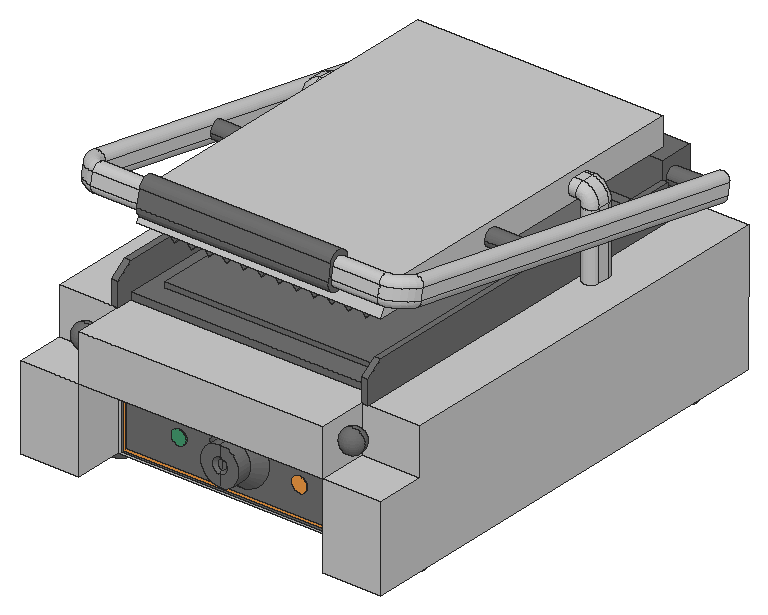
Revit family "QF_BLIZZARD_BRSCG1", category Specialty Equipment, Revit 2016
Family settings
  Part Type = Normal
  Round Connector Dimension = Use Diameter
  OmniClass Number = 23.40.40.14
  OmniClass Title = Food Service Equipment
  Work Plane-Based = No
  Always vertical = Yes
  Cut with Voids When Loaded = No
  Shared = No
  Room Calculation Point = No
Parameters (values of type "BRSCG1")
  URL = "www.blizzardequipment.com"
  Show Logo [instance] = yes
  Show Clearance [instance] = yes
  Model = "BRSCG1"
  Manufacturer = "BLIZZARD"
  Description = "1800W SINGLE CONTACT GRILL BOTTOM SMOOTH"
  Assembly Code = "E1090320"
Reference planes
  plane 1 "Back": y = 0
  plane 2: z = 0
  plane 3 "Left": x = 0
  plane 4 "Right": x = 310
  plane 5 "Front": y = -395
  plane 6 "Top": z = 210
Forms (mm)
  Extrusion 1, solid
    sketch origin (-257.5, -351.4, -34) x (1, 0, 0) y (0, 0, 1)
      loop
        line (315, 118.638) -> (315, 58.638) -> (510, 58.638) -> (510, 118.638) -> (315, 118.638)
      loop
        line (313, 120.638) -> (313, 56.638) -> (512, 56.638) -> (512, 120.638) -> (313, 120.638)
    from 0 to 2
  Blend 2, solid
    base sketch origin (80.349, 323.214, 0) x (-1, 0, 0) y (0, -1, 0)
      loop
        circle (50.349, 353.214) r 10
    top sketch origin (80.349, 323.214, 0) x (-1, 0, 0) y (0, -1, 0)
      loop
        circle (50.349, 353.214) r 20
    from 0 to 18.638
  Revolve 3, solid
    sketch origin (155, 241.8, -11.985) x (0, 1, 0) y (0, 0, 1)
      loop
        line (-595, 92) -> (-603.953, 83.047) -> (-615.72, 83.047) -> (-615.72, 73.047) -> (-613.494, 70.821) -> (-613.494, 66.623) -> (-595, 66.623) -> (-595, 92)
      axis (-595, 66.623) -> (-615.72, 66.623)
    angle from 0 to 360
  Extrusion 4, solid
    sketch origin (50.474, -352.473, 298.429) x (0, 0, -1) y (1, 0, 0)
      loop
        circle (248.792, 52.683) r 6.466
    from -0.205 to 1.127
  Extrusion 5, solid, visible <- "Show Logo"
    sketch origin (37.37, -351.6, -70.354) x (1, 0, 0) y (0, 0, 1)
      loop
        arc (22.13, 139.05) -> (23.822, 134.965) -> (27.907, 133.273) r 5.777
        line (27.907, 133.273) -> (86.809, 133.273)
        arc (86.809, 133.273) -> (90.894, 134.965) -> (92.585, 139.05) r 5.777
        line (92.585, 139.05) -> (92.585, 147.215)
        arc (92.585, 147.215) -> (90.894, 151.299) -> (86.809, 152.991) r 5.777
        line (86.809, 152.991) -> (27.907, 152.991)
        arc (27.907, 152.991) -> (23.822, 151.299) -> (22.13, 147.215) r 5.777
        line (22.13, 147.215) -> (22.13, 139.05)
    from 0 to 2
  Extrusion 6, solid, visible <- "Show Logo"
    sketch origin (37.37, -351.8, -65.345) x (1, 0, 0) y (0, 0, 1)
      loop
        line (30.3, 133.137) -> (36.162, 133.137)
        arc (36.162, 133.137) -> (39.122, 134.994) -> (38.048, 138.319) r 2.844
        arc (38.048, 138.319) -> (38.838, 141.267) -> (36.338, 143.017) r 2.66
        line (36.338, 143.017) -> (31.338, 143.017) -> (30.3, 133.137)
      loop
        line (33.066, 135.126) -> (35.993, 135.126)
        arc (35.993, 135.126) -> (36.943, 136.076) -> (35.993, 137.026) r 0.95
        line (35.993, 137.026) -> (33.066, 137.026) -> (33.066, 135.126)
      loop
        line (33.528, 139.285) -> (36.147, 139.285)
        arc (36.147, 139.285) -> (36.994, 140.133) -> (36.147, 140.98) r 0.847
        line (36.147, 140.98) -> (33.528, 140.98) -> (33.528, 139.285)
      loop
        line (40.306, 133.137) -> (42.874, 133.137) -> (43.912, 143.017) -> (41.344, 143.017) -> (40.306, 133.137)
      loop
        line (45.174, 140.98) -> (47.749, 140.98) -> (47.964, 143.017) -> (45.389, 143.017) -> (45.174, 140.98)
      loop
        line (45.104, 140.313) -> (44.35, 133.137) -> (46.671, 133.137) -> (47.425, 140.313) -> (45.104, 140.313)
      loop
        line (48.314, 138.359) -> (51.196, 138.359) -> (47.765, 134.548) -> (47.765, 133.137) -> (54.184, 133.137) -> (54.393, 135.126) -> (51.213, 135.126) -> (54.657, 138.952) -> (54.657, 140.313) -> (48.519, 140.313) -> (48.314, 138.359)
      loop
        line (55.213, 138.359) -> (58.095, 138.359) -> (54.664, 134.548) -> (54.664, 133.137) -> (61.084, 133.137) -> (61.293, 135.126) -> (58.112, 135.126) -> (61.557, 138.952) -> (61.557, 140.313) -> (55.419, 140.313) -> (55.213, 138.359)
      loop
        arc (64.816, 137.983) -> (65.785, 138.952) -> (66.753, 137.983) r 0.969
        line (66.753, 137.983) -> (64.711, 137.436)
        arc (64.711, 137.436) -> (62.642, 134.297) -> (66.342, 133.633) r 2.251
        line (66.342, 133.633) -> (66.77, 132.921) -> (69.168, 132.921) -> (68.641, 134.052) -> (69.084, 138.274)
        arc (69.084, 138.274) -> (65.782, 140.567) -> (62.514, 138.225) r 3.488
        line (62.514, 138.225) -> (64.816, 137.983)
      loop
        line (69.848, 133.137) -> (72.232, 133.137) -> (72.59, 136.546)
        arc (72.59, 136.546) -> (73.413, 137.974) -> (75.025, 138.32) r 2.029
        line (75.025, 138.32) -> (75.83, 140.313)
        arc (75.83, 140.313) -> (74.279, 140.541) -> (72.927, 139.749) r 2.362
        line (72.927, 139.749) -> (72.927, 140.627) -> (70.635, 140.627) -> (69.848, 133.137)
      loop
        line (82.596, 133.137) -> (83.635, 143.017) -> (81.373, 143.017) -> (81.031, 139.764)
        arc (81.031, 139.764) -> (75.402, 137.124) -> (80.359, 133.372) r 3.631
        line (80.359, 133.372) -> (82.596, 133.137)
      loop
        spline (78.956, 134.82) -> (79.32, 134.851) -> (79.675, 135.016) -> (79.994, 135.304) -> (80.258, 135.695) -> (80.446, 136.164) -> (80.548, 136.677) -> (80.555, 137.2) -> (80.468, 137.697) -> (80.292, 138.134) -> (80.039, 138.483) -> (79.727, 138.718) -> (79.376, 138.823)
        spline (79.376, 138.823) -> (79.011, 138.793) -> (78.657, 138.628) -> (78.338, 138.34) -> (78.074, 137.948) -> (77.886, 137.48) -> (77.784, 136.967) -> (77.777, 136.444) -> (77.864, 135.947) -> (78.04, 135.509) -> (78.293, 135.161) -> (78.605, 134.926) -> (78.956, 134.82)
      loop
        line (66.385, 136.28) -> (64.729, 135.958)
        arc (64.729, 135.958) -> (64.361, 135.233) -> (65.042, 134.788) r 0.609
        arc (65.042, 134.788) -> (66.068, 135.215) -> (66.385, 136.28) r 1.295
      loop
        line (85.459, 146.184) -> (29.578, 146.184)
        arc (29.578, 146.184) -> (25.494, 144.492) -> (23.802, 140.407) r 5.777
        line (23.802, 140.407) -> (23.802, 135.662)
        arc (23.802, 135.662) -> (25.494, 131.578) -> (29.578, 129.886) r 5.777
        line (29.578, 129.886) -> (85.459, 129.886)
        arc (85.459, 129.886) -> (89.544, 131.578) -> (91.236, 135.662) r 5.777
        line (91.236, 135.662) -> (91.236, 140.407)
        arc (91.236, 140.407) -> (89.544, 144.492) -> (85.459, 146.184) r 5.777
      loop
        line (85.459, 145.184) -> (29.578, 145.184)
        arc (29.578, 145.184) -> (26.201, 143.785) -> (24.802, 140.407) r 4.777
        line (24.802, 140.407) -> (24.802, 135.662)
        arc (24.802, 135.662) -> (26.201, 132.285) -> (29.578, 130.886) r 4.777
        line (29.578, 130.886) -> (85.459, 130.886)
        arc (85.459, 130.886) -> (88.837, 132.285) -> (90.236, 135.662) r 4.777
        line (90.236, 135.662) -> (90.236, 140.407)
        arc (90.236, 140.407) -> (88.837, 143.785) -> (85.459, 145.184) r 4.777
    from 0 to 2
  Extrusion 7, solid
    sketch origin (154.16, -352.473, 298.429) x (0, 0, -1) y (1, 0, 0)
      loop
        circle (248.792, 52.683) r 6.466
    from -0.205 to 1.127
  Extrusion 8, solid
    sketch origin (0, 0, 18.638) x (0, 1, 0) y (0, 0, 1)
      loop
        line (0, 112) -> (-353, 112) -> (-353, 72) -> (-395, 72) -> (-395, 0) -> (0, 0) -> (0, 112)
    from 0 to 50
  Extrusion 9, solid
    sketch origin (260, 0, 18.638) x (0, 1, 0) y (0, 0, 1)
      loop
        line (0, 112) -> (-353, 112) -> (-353, 72) -> (-395, 72) -> (-395, 0) -> (0, 0) -> (0, 112)
    from 0 to 50
  Extrusion 10, solid
    sketch origin (0, 0, -79.362) x (0, 1, 0) y (0, 0, 1)
      loop
        line (0, 210) -> (-395, 210) -> (-395, 170) -> (0, 170) -> (0, 210)
    from 50 to 260
  Extrusion 11, solid
    sketch origin (0, 0, 18.638) x (1, 0, 0) y (0, 0, 1)
      loop
        line (50, 72) -> (50, 0) -> (260, 0) -> (260, 72) -> (50, 72)
    from 0 to 353
  Extrusion 12, solid
    sketch origin (-257.5, -351.2, -34) x (1, 0, 0) y (0, 0, 1)
      loop
        line (311, 122.638) -> (311, 54.638) -> (514, 54.638) -> (514, 122.638) -> (311, 122.638)
    from 0 to 2
  Extrusion 13, solid
    sketch origin (45, 0, 0) x (0, 1, 0) y (0, 0, 1)
      loop
        line (-29.799, 130.638) -> (-29.799, 160.638) -> (-339.011, 160.638) -> (-353, 150.638) -> (-353, 130.638) -> (-29.799, 130.638)
    from 0 to 5
  Extrusion 14, solid
    sketch origin (260, 0, 0) x (0, 1, 0) y (0, 0, 1)
      loop
        line (-29.799, 130.638) -> (-29.799, 160.638) -> (-339.011, 160.638) -> (-353, 150.638) -> (-353, 130.638) -> (-29.799, 130.638)
    from 0 to 5
  Extrusion 15, solid
    sketch origin (0, 0, 0) x (1, 0, 0) y (0, 1, 0)
      loop
        line (50, 0) -> (50, -339.011) -> (260, -339.011) -> (260, 0) -> (50, 0)
    from 130.638 to 136.638
  Extrusion 16, solid
    sketch origin (0, 0, 0) x (1, 0, 0) y (0, 0, 1)
      loop
        line (245.555, 136.638) -> (245.555, 140.638) -> (64.445, 140.638) -> (64.445, 136.638) -> (245.555, 136.638)
    from 44.375 to 320
  Extrusion 17, solid
    sketch origin (0, 0, 334.638) x (0, 1, 0) y (0, 0, 1)
      loop
        line (-29.799, -124.638) -> (-318.953, -124.638) -> (-332.038, -148.123) -> (-29.799, -148.123) -> (-29.799, -124.638)
    from 50 to 260
  Extrusion 18, solid
    sketch origin (0, 0, 323.152) x (1, 0, 0) y (0, 0, 1)
      loop
        arc (64.445, -136.638) -> (67.651, -143.424) -> (72.5, -149.152) r 28.813
        arc (72.5, -149.152) -> (76.889, -144.117) -> (80, -138.208) r 28.813
        arc (80, -138.208) -> (83.111, -144.117) -> (87.5, -149.152) r 28.813
        arc (87.5, -149.152) -> (91.889, -144.117) -> (95, -138.208) r 28.813
        arc (95, -138.208) -> (98.111, -144.117) -> (102.5, -149.152) r 28.813
        arc (102.5, -149.152) -> (106.889, -144.117) -> (110, -138.208) r 28.813
        arc (110, -138.208) -> (113.111, -144.117) -> (117.5, -149.152) r 28.813
        arc (117.5, -149.152) -> (121.889, -144.117) -> (125, -138.208) r 28.813
        arc (125, -138.208) -> (128.111, -144.117) -> (132.5, -149.152) r 28.813
        arc (132.5, -149.152) -> (136.889, -144.117) -> (140, -138.208) r 28.813
        arc (140, -138.208) -> (143.111, -144.117) -> (147.5, -149.152) r 28.813
        arc (147.5, -149.152) -> (151.889, -144.117) -> (155, -138.208) r 28.813
        arc (155, -138.208) -> (158.111, -144.117) -> (162.5, -149.152) r 28.813
        arc (162.5, -149.152) -> (166.889, -144.117) -> (170, -138.208) r 28.813
        arc (170, -138.208) -> (173.111, -144.117) -> (177.5, -149.152) r 28.813
        arc (177.5, -149.152) -> (181.889, -144.117) -> (185, -138.208) r 28.813
        arc (185, -138.208) -> (188.111, -144.117) -> (192.5, -149.152) r 28.813
        arc (192.5, -149.152) -> (196.889, -144.117) -> (200, -138.208) r 28.813
        arc (200, -138.208) -> (203.111, -144.117) -> (207.5, -149.152) r 28.813
        arc (207.5, -149.152) -> (211.889, -144.117) -> (215, -138.208) r 28.813
        arc (215, -138.208) -> (218.111, -144.117) -> (222.5, -149.152) r 28.813
        arc (222.5, -149.152) -> (226.889, -144.117) -> (230, -138.208) r 28.813
        arc (230, -138.208) -> (233.111, -144.117) -> (237.5, -149.152) r 28.813
        arc (237.5, -149.152) -> (242.349, -143.424) -> (245.555, -136.638) r 28.813
        line (245.555, -136.638) -> (64.445, -136.638)
    from 44.375 to 320
  Extrusion 19, solid
    sketch origin (-7.718, 0, 0) x (0, 1, 0) y (0, 0, 1)
      loop
        line (0, 175.551) -> (-29.799, 175.551) -> (-29.799, 136.638) -> (0, 136.638) -> (0, 175.551)
    from 57.718 to 267.718
  Sweep 20, solid
    path origin (0, 6.142, 154.657) x (1, 0, 0) y (0, 0.981627, -0.190809)
      loop
        line (17.517, -14.374) -> (17.517, -348.847)
        arc (17.517, -348.847) -> (22.864, -358.499) -> (32.517, -363.847) r 20
        line (32.517, -363.847) -> (277.483, -363.847)
        arc (277.483, -363.847) -> (287.136, -358.499) -> (292.483, -348.847) r 20
        line (292.483, -348.847) -> (292.483, -14.374)
    profile origin (17.517, -172.132, 189.31) x (1, 0, 0) y (0, 0.190809, 0.981627)
      loop
        line (6.764, -4.744) -> (6.764, 4.744)
        arc (6.764, 4.744) -> (0, 11.508) -> (-6.764, 4.744) r 6.764
        line (-6.764, 4.744) -> (-6.764, -4.744)
        arc (-6.764, -4.744) -> (0, -11.508) -> (6.764, -4.744) r 6.764
  Extrusion 21, solid
    sketch origin (0, 0, 0) x (0, 1, 0) y (0, 0, 1)
      loop
        circle (-19.343, 160.127) r 7.212
    from 24.281 to 50
  Extrusion 22, solid
    sketch origin (215.719, 0, 0) x (0, 1, 0) y (0, 0, 1)
      loop
        circle (-19.343, 160.127) r 7.212
    from 44.281 to 70
  Extrusion 23, solid
    sketch origin (0, -195, 38.131) x (0, 1, 0) y (0, 0, 1)
      loop
        circle (-19.343, 160.127) r 7.212
    from 24.281 to 50
  Extrusion 24, solid
    sketch origin (310, -195, 38.131) x (0, 1, 0) y (0, 0, -1)
      loop
        circle (-19.343, -160.127) r 7.212
    from 24.281 to 50
  Extrusion 25, solid
    sketch origin (0, 0, 0) x (0, 1, 0) y (0, 0, 1)
      loop
        line (-343.703, 215.79) -> (-341.129, 229.03)
        arc (-341.129, 229.03) -> (-348.061, 239.306) -> (-358.336, 232.374) r 8.764
        line (-358.336, 232.374) -> (-360.91, 219.134)
        arc (-360.91, 219.134) -> (-353.979, 208.859) -> (-343.703, 215.79) r 8.764
    from 73.081 to 237.644
  Revolve 26, solid
    sketch origin (14.462, -375, -2.309) x (1, 0, 0) y (0, 0, 1)
      loop
        line (25.427, 107.419) -> (25.427, 127.419)
        arc (25.427, 127.419) -> (15.427, 117.419) -> (25.427, 107.419) r 10
      axis (25.427, 107.419) -> (25.427, 127.419)
    angle from 0 to 360
  Revolve 27, solid
    sketch origin (295.538, -375, -2.309) x (-1, 0, 0) y (0, 0, -1)
      loop
        arc (25.427, -107.419) -> (15.427, -117.419) -> (25.427, -127.419) r 10
        line (25.427, -127.419) -> (25.427, -107.419)
      axis (25.427, -107.419) -> (25.427, -127.419)
    angle from 0 to 360
  Sweep 28, solid
    path origin (0, -120, 0) x (1, 0, 0) y (0, 0, 1)
      loop
        line (35, 130.638) -> (35, 188.257)
        arc (35, 188.257) -> (36.995, 194.573) -> (42.5, 198.257) r 10
        line (42.5, 198.257) -> (50, 198.257)
    profile origin (35, -120, 159.447) x (-1, 0, 0) y (0, -1, 0)
      loop
        line (6.815, -5) -> (6.815, 5)
        arc (6.815, 5) -> (0, 11.815) -> (-6.815, 5) r 6.815
        line (-6.815, 5) -> (-6.815, -5)
        arc (-6.815, -5) -> (0, -11.815) -> (6.815, -5) r 6.815
  Sweep 29, solid
    path origin (310, -120, 0) x (-1, 0, 0) y (0, 0, -1)
      loop
        line (35, -130.638) -> (35, -188.257)
        arc (35, -188.257) -> (36.995, -194.573) -> (42.5, -198.257) r 10
        line (42.5, -198.257) -> (50, -198.257)
    profile origin (275, -120, 159.447) x (-1, 0, 0) y (0, -1, 0)
      loop
        arc (-6.815, -5) -> (0, -11.815) -> (6.815, -5) r 6.815
        line (6.815, -5) -> (6.815, 5)
        arc (6.815, 5) -> (0, 11.815) -> (-6.815, 5) r 6.815
        line (-6.815, 5) -> (-6.815, -5)
  Blend 30, solid
    base sketch origin (229.651, 323.214, 0) x (1, 0, 0) y (0, 1, 0)
      loop
        circle (50.349, -353.214) r 10
    top sketch origin (229.651, 323.214, 0) x (1, 0, 0) y (0, 1, 0)
      loop
        circle (50.349, -353.214) r 20
    from 0 to 18.638
  Blend 31, solid
    base sketch origin (229.651, -676.214, 0) x (1, 0, 0) y (0, 1, 0)
      loop
        circle (50.349, 353.214) r 10
    top sketch origin (229.651, -676.214, 0) x (1, 0, 0) y (0, 1, 0)
      loop
        circle (50.349, 353.214) r 20
    from 0 to 18.638
  Blend 32, solid
    base sketch origin (80.349, -676.214, 0) x (-1, 0, 0) y (0, -1, 0)
      loop
        circle (50.349, -353.214) r 10
    top sketch origin (80.349, -676.214, 0) x (-1, 0, 0) y (0, -1, 0)
      loop
        circle (50.349, -353.214) r 20
    from 0 to 18.638
Lines and regions (mm)
  reference lines
    curve 1: line (0, -183.475, 1485) -> (0, -697.791, 1021.908)
  symbolic lines, style "200-EquipBorder-2D"
    curve 2: line (0, 0, 0) -> (310, 0, 0)
    curve 3: line (0, -395, 0) -> (0, 0, 0)
    curve 4: line (310, -395, 0) -> (0, -395, 0)
    curve 5: line (310, 0, 0) -> (310, -395, 0)
  symbolic lines, style "200-EquipInternal-2D"
    curve 6: line (45, -29.799, 0) -> (265, -29.799, 0)
    curve 7: line (45, -339.011, 0) -> (45, -29.799, 0)
    curve 8: line (265, -29.799, 0) -> (265, -339.011, 0)
    curve 9: line (10.752, -8.873, 0) -> (10.752, -337.516, 0)
    curve 10: line (24.204, -8.873, 0) -> (24.204, -334.569, 0)
    curve 11: line (33.081, -343.446, 0) -> (73.081, -343.446, 0)
    curve 12: line (73.081, -343.446, 0) -> (73.081, -340.946, 0)
    curve 13: arc (33.081, -343.446, 0) -> (27.725, -339.924, 0) -> (24.204, -334.569, 0) r 15.838
    curve 14: line (237.644, -343.446, 0) -> (237.644, -340.946, 0)
    curve 15: line (237.644, -340.946, 0) -> (73.081, -340.946, 0)
    curve 16: line (73.081, -358.594, 0) -> (73.081, -361.094, 0)
    curve 17: line (237.644, -358.594, 0) -> (237.644, -361.094, 0)
    curve 18: line (237.644, -361.094, 0) -> (73.081, -361.094, 0)
    curve 19: line (73.081, -358.594, 0) -> (31.83, -358.594, 0)
    curve 20: arc (31.83, -358.594, 0) -> (16.926, -352.42, 0) -> (10.752, -337.516, 0) r 21.078
    curve 21: line (45, -339.011, 0) -> (265, -339.011, 0)
    curve 22: line (277.644, -343.446, 0) -> (237.644, -343.446, 0)
    curve 23: arc (277.644, -343.446, 0) -> (283, -339.924, 0) -> (286.521, -334.569, 0) r 15.838
    curve 24: line (237.644, -358.594, 0) -> (278.895, -358.594, 0)
    curve 25: arc (278.895, -358.594, 0) -> (293.799, -352.42, 0) -> (299.973, -337.516, 0) r 21.078
    curve 26: line (299.973, -9.741, 0) -> (299.973, -337.516, 0)
    curve 27: line (286.521, -9.741, 0) -> (286.521, -334.569, 0)
    curve 28: line (10.752, -8.873, 0) -> (24.204, -8.873, 0)
    curve 29: line (286.521, -9.741, 0) -> (299.973, -9.741, 0)
    curve 30: line (73.081, -358.594, 0) -> (73.081, -343.446, 0)
    curve 31: line (237.644, -358.594, 0) -> (237.644, -343.446, 0)
    curve 32: line (45, -207.13, 0) -> (24.204, -207.13, 0)
    curve 33: line (45, -221.555, 0) -> (24.204, -221.555, 0)
    curve 34: line (265, -207.13, 0) -> (286.521, -207.13, 0)
    curve 35: line (265, -221.555, 0) -> (286.521, -221.555, 0)
Dimensions and locks
  plane 3 "Left" to plane 4 "Right" = 310 mm
  plane 5 "Front" to plane 1 "Back" = 395 mm
  plane 1 "Back" to plane 5 "Front" = 395 mm
  plane 4 "Right" to plane 3 "Left" = 310 mm
  plane 6 "Top" to level = 210 mm  (x2)
  aligned and locked: level to plane 2
